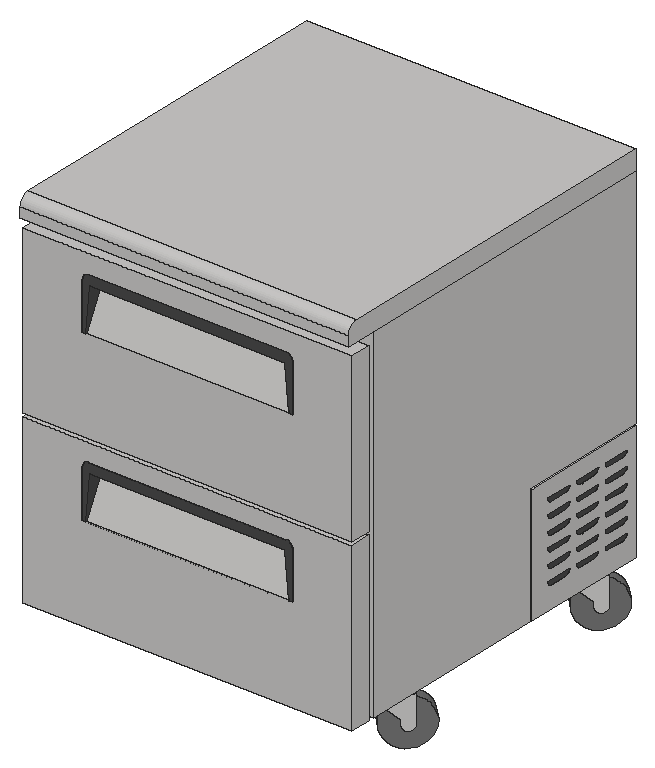
Revit family "QF_Turbo Air_TUF-28SD-D2", category Specialty Equipment, Revit 2012
Parameters
  Weight in Pounds = 169
  Watermarked By = "http://revitwatermark.com"
  Volts = 115 V
  URL Cutsheet = ""
  URL = "www.turboairinc.com"
  Status [instance] = ""
  Specification by User [instance] = ""
  Specification by Manufacturer [instance] = ""
  Serial Number [instance] = ""
  Revision Code [instance] = ""
  Phase = 1
  Number of Poles [instance] = 1
  NAFEM Spec ID Number [instance] = ""
  Model = "TUF-28SD-D2"
  Masterspec [instance] = ""
  Manufacturer = "Turbo Air"  # constant formula
  Legs [instance] = [6 inch Legs]  # no
  Item Number [instance] = "-"
  Installed By [instance] = ""
  HP = "1/3"
  Furnished By [instance] = ""
  Foodservice Equipment Identifier = yes
  FL Amps = 5.3 A
  Electrical Remarks [instance] = ""
  Electric Connection Type [instance] = ""
  Elec Conn RI Height [instance] = 0' - 0"
  Elec Conn Connection Height = 1' - 0"
  Description = "Undercounter Freezer"
  Cycle = 60 Hz
  Conn Plug = "NEMA 5-15P"
  Casters [instance] = not(Legs)  # yes
  CasterLeg Height [instance] = if([4 inch Casters], 0' 5", if([5 inch Casters], 0' 5 3/4", if([2_5 inch Casters], 0' 3 3/8", 0' 6")))  # 0' - 5"
  CSI MasterFormat = "11 41 13"
  Assembly Code = "E1090320"
  Apparent Power = if(Phase = 3, Volts * FL Amps * 1.73, Volts * FL Amps)  # 609.5 VA
  6 inch Legs [instance] = no
  5 inch Casters [instance] = no
  4 inch Casters [instance] = yes
  2_5 inch Casters [instance] = no
Reference planes (in)
  plane 1 "BACK": y = 0
  plane 2: z = 0
  plane 3 "LEFT": x = -20.78844
  plane 4 "Bottom": z = 5
  plane 5 "Back Stops": y = 1
  plane 6 "RIGHT": x = 6.71156
  plane 7 "FRONT": y = -30
  plane 8 "Door Clearance": y = -42.75
  plane 9 "Back of Door": y = -27.875
  plane 10 "Front of Box": y = -27.375
  plane 11 "Top of Door": z = 33.125
  plane 12 "TOP": z = 35.625
  plane 13 "Bottom of TOP": z = 34
Forms (in)
  Extrusion 1, solid, material "QF_Finishes_Stainless Steel"
    sketch origin (-20.78844, 0, 0) x (0, 1, 0) y (0, 0, 1)
      loop
        line (0, 5) -> (0, 34) -> (-27.375, 34) -> (-27.375, 5) -> (0, 5)
    from 0 to 27.5
  Extrusion 2, solid, material "QF_Finishes_Black"
    sketch origin (0, -27.375, 0) x (1, 0, 0) y (0, 0, 1)
      loop
        line (-19.78844, 32.125) -> (-19.78844, 6) -> (5.71156, 6) -> (5.71156, 32.125) -> (-19.78844, 32.125)
    from 0 to 0.5
  Extrusion 3, void
    sketch origin (6.71156, 0, 0) x (0, 1, 0) y (0, 0, 1)
      loop
        line (0, 5) -> (0, 15) -> (-11, 15) -> (-11, 5) -> (0, 5)
    from 0 to -1
  Extrusion 4, solid, material "QF_Finishes_Stainless Steel"
    sketch origin (6.71156, 0, 0) x (0, 1, 0) y (0, 0, 1)
      loop
        line (-10.875, 14.875) -> (-10.875, 5) -> (0, 5) -> (0, 14.875) -> (-10.875, 14.875)
      loop
        arc (-9.25, 13.5) -> (-9.10355, 13.14645) -> (-8.75, 13) r 0.5
        line (-8.75, 13) -> (-7.25, 13)
        arc (-7.25, 13) -> (-6.89645, 13.14645) -> (-6.75, 13.5) r 0.5
        line (-6.75, 13.5) -> (-9.25, 13.5)
      loop
        arc (-6.25, 13.5) -> (-6.10355, 13.14645) -> (-5.75, 13) r 0.5
        line (-5.75, 13) -> (-4.25, 13)
        arc (-4.25, 13) -> (-3.89645, 13.14645) -> (-3.75, 13.5) r 0.5
        line (-3.75, 13.5) -> (-6.25, 13.5)
      loop
        arc (-3.25, 13.5) -> (-3.10355, 13.14645) -> (-2.75, 13) r 0.5
        line (-2.75, 13) -> (-1.25, 13)
        arc (-1.25, 13) -> (-0.89645, 13.14645) -> (-0.75, 13.5) r 0.5
        line (-0.75, 13.5) -> (-3.25, 13.5)
      loop
        arc (-9.25, 12.25) -> (-9.10355, 11.89645) -> (-8.75, 11.75) r 0.5
        line (-8.75, 11.75) -> (-7.25, 11.75)
        arc (-7.25, 11.75) -> (-6.89645, 11.89645) -> (-6.75, 12.25) r 0.5
        line (-6.75, 12.25) -> (-9.25, 12.25)
      loop
        arc (-6.25, 12.25) -> (-6.10355, 11.89645) -> (-5.75, 11.75) r 0.5
        line (-5.75, 11.75) -> (-4.25, 11.75)
        arc (-4.25, 11.75) -> (-3.89645, 11.89645) -> (-3.75, 12.25) r 0.5
        line (-3.75, 12.25) -> (-6.25, 12.25)
      loop
        arc (-3.25, 12.25) -> (-3.10355, 11.89645) -> (-2.75, 11.75) r 0.5
        line (-2.75, 11.75) -> (-1.25, 11.75)
        arc (-1.25, 11.75) -> (-0.89645, 11.89645) -> (-0.75, 12.25) r 0.5
        line (-0.75, 12.25) -> (-3.25, 12.25)
      loop
        arc (-9.25, 11) -> (-9.10355, 10.64645) -> (-8.75, 10.5) r 0.5
        line (-8.75, 10.5) -> (-7.25, 10.5)
        arc (-7.25, 10.5) -> (-6.89645, 10.64645) -> (-6.75, 11) r 0.5
        line (-6.75, 11) -> (-9.25, 11)
      loop
        arc (-6.25, 11) -> (-6.10355, 10.64645) -> (-5.75, 10.5) r 0.5
        line (-5.75, 10.5) -> (-4.25, 10.5)
        arc (-4.25, 10.5) -> (-3.89645, 10.64645) -> (-3.75, 11) r 0.5
        line (-3.75, 11) -> (-6.25, 11)
      loop
        arc (-3.25, 11) -> (-3.10355, 10.64645) -> (-2.75, 10.5) r 0.5
        line (-2.75, 10.5) -> (-1.25, 10.5)
        arc (-1.25, 10.5) -> (-0.89645, 10.64645) -> (-0.75, 11) r 0.5
        line (-0.75, 11) -> (-3.25, 11)
      loop
        arc (-9.25, 9.75) -> (-9.10355, 9.39645) -> (-8.75, 9.25) r 0.5
        line (-8.75, 9.25) -> (-7.25, 9.25)
        arc (-7.25, 9.25) -> (-6.89645, 9.39645) -> (-6.75, 9.75) r 0.5
        line (-6.75, 9.75) -> (-9.25, 9.75)
      loop
        arc (-6.25, 9.75) -> (-6.10355, 9.39645) -> (-5.75, 9.25) r 0.5
        line (-5.75, 9.25) -> (-4.25, 9.25)
        arc (-4.25, 9.25) -> (-3.89645, 9.39645) -> (-3.75, 9.75) r 0.5
        line (-3.75, 9.75) -> (-6.25, 9.75)
      loop
        arc (-3.25, 9.75) -> (-3.10355, 9.39645) -> (-2.75, 9.25) r 0.5
        line (-2.75, 9.25) -> (-1.25, 9.25)
        arc (-1.25, 9.25) -> (-0.89645, 9.39645) -> (-0.75, 9.75) r 0.5
        line (-0.75, 9.75) -> (-3.25, 9.75)
      loop
        arc (-9.25, 8.5) -> (-9.10355, 8.14645) -> (-8.75, 8) r 0.5
        line (-8.75, 8) -> (-7.25, 8)
        arc (-7.25, 8) -> (-6.89645, 8.14645) -> (-6.75, 8.5) r 0.5
        line (-6.75, 8.5) -> (-9.25, 8.5)
      loop
        arc (-6.25, 8.5) -> (-6.10355, 8.14645) -> (-5.75, 8) r 0.5
        line (-5.75, 8) -> (-4.25, 8)
        arc (-4.25, 8) -> (-3.89645, 8.14645) -> (-3.75, 8.5) r 0.5
        line (-3.75, 8.5) -> (-6.25, 8.5)
      loop
        arc (-3.25, 8.5) -> (-3.10355, 8.14645) -> (-2.75, 8) r 0.5
        line (-2.75, 8) -> (-1.25, 8)
        arc (-1.25, 8) -> (-0.89645, 8.14645) -> (-0.75, 8.5) r 0.5
        line (-0.75, 8.5) -> (-3.25, 8.5)
      loop
        arc (-9.25, 7.25) -> (-9.10355, 6.89645) -> (-8.75, 6.75) r 0.5
        line (-8.75, 6.75) -> (-7.25, 6.75)
        arc (-7.25, 6.75) -> (-6.89645, 6.89645) -> (-6.75, 7.25) r 0.5
        line (-6.75, 7.25) -> (-9.25, 7.25)
      loop
        arc (-6.25, 7.25) -> (-6.10355, 6.89645) -> (-5.75, 6.75) r 0.5
        line (-5.75, 6.75) -> (-4.25, 6.75)
        arc (-4.25, 6.75) -> (-3.89645, 6.89645) -> (-3.75, 7.25) r 0.5
        line (-3.75, 7.25) -> (-6.25, 7.25)
      loop
        arc (-3.25, 7.25) -> (-3.10355, 6.89645) -> (-2.75, 6.75) r 0.5
        line (-2.75, 6.75) -> (-1.25, 6.75)
        arc (-1.25, 6.75) -> (-0.89645, 6.89645) -> (-0.75, 7.25) r 0.5
        line (-0.75, 7.25) -> (-3.25, 7.25)
    from 0 to -1
  Extrusion 5, solid, material "QF_Finishes_Black"
    sketch origin (6.71156, 0, 0) x (0, 1, 0) y (0, 0, 1)
      loop
        line (-9.875, 13.95221) -> (-9.875, 6.20221) -> (-0.375, 6.20221) -> (-0.375, 13.95221) -> (-9.875, 13.95221)
    from -0.125 to -1
  Extrusion 6, solid, material "QF_Finishes_Black"
    sketch origin (0, 0, 0) x (1, 0, 0) y (0, 0, 1)
      loop
        circle (-14.66344, 30.8125) r 0.5
      loop
        circle (0.58656, 30.8125) r 0.5
    from 0 to -1
  Extrusion 7, solid, material "QF_Finishes_Stainless Steel"
    sketch origin (0, 0, 0) x (1, 0, 0) y (0, 0, 1)
      loop
        circle (2.71156, 11.125) r 0.25
    from 0 to -0.0625
  Extrusion 8, solid, material "QF_Finishes_Polished Steel"
    sketch origin (-20.78844, 0, 0) x (0, 1, 0) y (0, 0, 1)
      loop
        line (0, 35.625) -> (-29.1875, 35.625)
        arc (-29.1875, 35.625) -> (-29.76202, 35.38702) -> (-30, 34.8125) r 0.8125
        line (-30, 34.8125) -> (-30, 34) -> (0, 34) -> (0, 35.625)
    from 0 to 27.5
Cuts and joins
  Extrusion 3 cuts Extrusion 1
Lines and regions (in)
  symbolic lines
    curve 1: line (-20.78844, 0, 35.875) -> (6.71156, 0, 35.875)
    curve 2: line (-20.78844, -30, 35.875) -> (-20.78844, 0, 35.875)
    curve 3: line (6.71156, -30, 35.875) -> (-20.78844, -30, 35.875)
    curve 4: line (6.71156, 0, 35.875) -> (6.71156, -30, 35.875)
    curve 5: line (0.08656, 1, 35.875) -> (1.08656, 1, 35.875)
    curve 6: line (-15.16344, 1, 35.875) -> (-14.16344, 1, 35.875)
    curve 7: line (-15.16344, 1, 35.875) -> (-15.16344, 0, 35.875)
    curve 8: line (-14.16344, 1, 35.875) -> (-14.16344, 0, 35.875)
    curve 9: line (0.08656, 1, 35.875) -> (0.08656, 0, 35.875)
    curve 10: line (1.08656, 1, 35.875) -> (1.08656, 0, 35.875)
  symbolic lines, style "QF_Clearances", detail levels coarse
    curve 11: line (-20.78844, -30, 35.875) -> (-20.78844, -42.75, 35.875)
    curve 12: line (-20.78844, -42.75, 35.875) -> (6.71156, -42.75, 35.875)
    curve 13: line (6.71156, -42.75, 35.875) -> (6.71156, -30, 35.875)
Dimensions and locks (in)
  "CasterLeg Height": plane 4 "Bottom" to plane 2
  locked: plane 1 "BACK" to plane 5 "Back Stops" at 1
  locked: plane 6 "RIGHT" to plane 3 "LEFT" at 27.5
  locked: plane 7 "FRONT" to plane 1 "BACK" at 30
  locked: plane 9 "Back of Door" to plane 10 "Front of Box" at 0.5
  locked: plane 11 "Top of Door" to Extrusion 2 sketch curve at 1
  locked: Extrusion 2 sketch curve to plane 3 "LEFT" at 1
  locked: Extrusion 2 sketch curve to plane 4 "Bottom" at 1
  locked: Extrusion 2 sketch curve to plane 6 "RIGHT" at 1
  locked: Extrusion 3 sketch curve to plane 1 "BACK" at 11
  locked: Extrusion 3 sketch curve to plane 4 "Bottom" at 10
  locked: plane 4 "Bottom" to Extrusion 4 sketch curve at 9.875
  locked: Extrusion 4 sketch curve to plane 1 "BACK" at 10.875
  locked: Extrusion 5 sketch curve to Extrusion 5 sketch curve at 7.75
  locked: Extrusion 5 sketch curve to plane 4 "Bottom" at 1.20221
  locked: Extrusion 5 sketch curve to Extrusion 5 sketch curve at 9.5
  locked: Extrusion 5 sketch curve to plane 1 "BACK" at 0.375
  locked: nested 1 to plane 1 "BACK" at 2.5625
  locked: plane 3 "LEFT" to nested 1 at 2.5
  locked: plane 3 "LEFT" to nested 2 at 2.5
  locked: plane 10 "Front of Box" to nested 2 at 4.625
  locked: nested 3 to plane 6 "RIGHT" at 2.5
  locked: nested 4 to plane 6 "RIGHT" at 2.5
  locked: plane 10 "Front of Box" to nested 4 at 4.625
  locked: nested 3 to plane 1 "BACK" at 2.5625
  locked: plane 6 "RIGHT" to Extrusion 6 sketch curve at 6.125
  locked: Extrusion 6 sketch curve to plane 3 "LEFT" at 6.125
  locked: Extrusion 7 sketch curve to plane 4 "Bottom" at 6.125
  locked: plane 6 "RIGHT" to Extrusion 7 sketch curve at 4
  locked: plane 12 "TOP" to plane 4 "Bottom" at 30.625
  locked: plane 12 "TOP" to plane 13 "Bottom of TOP" at 1.625
  locked: plane 13 "Bottom of TOP" to plane 11 "Top of Door" at 0.875
  plane 9 "Back of Door" to plane 1 "BACK" = 2' - 3 7/8"
  locked: plane 8 "Door Clearance" to plane 7 "FRONT" at 12.75
  aligned and locked: level to plane 2
  aligned and locked: Extrusion 1 sketch curve to plane 1 "BACK"
  aligned and locked: Extrusion 1 sketch curve to plane 4 "Bottom"
  aligned and locked: plane 10 "Front of Box" to Extrusion 1 sketch curve
  aligned and locked: plane 6 "RIGHT" to Extrusion 1
  aligned and locked: plane 9 "Back of Door" to Extrusion 2
  aligned and locked: Extrusion 3 sketch curve to plane 1 "BACK"
  aligned and locked: Extrusion 3 sketch curve to plane 4 "Bottom"
  aligned and locked: Extrusion 6 to plane 5 "Back Stops"
  aligned and locked: plane 1 "BACK" to curve 1
  aligned and locked: curve 4 to plane 6 "RIGHT"
  aligned and locked: plane 3 "LEFT" to curve 2
  aligned and locked: curve 3 to plane 7 "FRONT"
  aligned and locked: curve 5 to Extrusion 6
  aligned and locked: curve 6 to Extrusion 6
  aligned and locked: Extrusion 1 sketch curve to plane 13 "Bottom of TOP"
  aligned and locked: plane 1 "BACK" to Extrusion 8 sketch curve
  aligned and locked: plane 13 "Bottom of TOP" to Extrusion 8 sketch curve
  aligned and locked: Extrusion 8 sketch curve to plane 7 "FRONT"
  aligned and locked: Extrusion 8 sketch curve to plane 12 "TOP"
  aligned and locked: plane 6 "RIGHT" to Extrusion 8
  aligned and locked: nested 5 to plane 4 "Bottom"
Automatic sketch dimensions
  Extrusion 4 sketch curve to plane 1 "BACK" = 0' - 0"
  Extrusion 4 sketch curve to plane 4 "Bottom" = 0' - 0"
  Extrusion 4 sketch curve to Extrusion 4 sketch curve = 0' - 1 5/8"
  Extrusion 4 sketch curve to Extrusion 4 sketch curve = 0' - 0"  (x16)
  Extrusion 4 sketch curve to Extrusion 4 sketch curve = 0' - 0 1/2"  (x31)
  Extrusion 4 sketch curve to Extrusion 4 sketch curve = 0' - 1 1/2"  (x4)
  plane 1 "BACK" to Extrusion 4 sketch curve = 0' - 1 1/4"  (x3)
  plane 4 "Bottom" to Extrusion 4 sketch curve = 0' - 1 3/4"  (x2)
  Extrusion 4 sketch curve to Extrusion 4 sketch curve = 0' - 0 3/4"  (x15)
  Extrusion 6 sketch curve to plane 11 "Top of Door" = 0' - 2 5/16"  (x2)
  Extrusion 8 sketch curve to plane 7 "FRONT" = 0' - 0 13/16"
  plane 8 "Door Clearance" to curve 12 = 0' - 0"
  curve 5 to plane 6 "RIGHT" = 0' - 5 5/8"
  curve 10 to curve 9 = 0' - 1"
  plane 3 "LEFT" to curve 8 = 0' - 6 5/8"
  curve 6 to curve 7 = 0' - 1"
  radius of Extrusion 6 sketch curve = 0' - 0 1/2"  (x2)
  radius of Extrusion 7 sketch curve = 0' - 0 1/4"
Nested families (in)
  nested 1: "FESCasterLeg" at (-18.28844, -2.5625, 0), Legs <- "Legs", Casters <- "Casters", Height <- "CasterLeg Height", type "FESCasterLeg"
    with Legs no, Height 0' - 5", Casters yes, Caster Radius 0' - 2"
  nested 2: "FESCasterLeg" at (-18.28844, -22.75, 0), Legs <- "Legs", Casters <- "Casters", Height <- "CasterLeg Height", type "FESCasterLeg"
    with Legs no, Height 0' - 5", Casters yes, Caster Radius 0' - 2"
  nested 3: "FESCasterLeg" at (4.21156, -2.5625, 0), Legs <- "Legs", Casters <- "Casters", Height <- "CasterLeg Height", type "FESCasterLeg"
    with Legs no, Height 0' - 5", Casters yes, Caster Radius 0' - 2"
  nested 4: "FESCasterLeg" at (4.21156, -22.75, 0), Legs <- "Legs", Casters <- "Casters", Height <- "CasterLeg Height", type "FESCasterLeg"
    with Legs no, Height 0' - 5", Casters yes, Caster Radius 0' - 2"
  nested 5: "QF_Turbo Air_TBL_Drawer" at (-5.61177, -27.875, 5), type "QF_Turbo Air_TBL_Drawer"
    with Width 2' - 3 1/2", Symbolic Lines no, Height 2' - 4 1/8", Depth 0' - 1 13/16"
Connectors (in)
  electrical at (2.71156, 0.0625, 11.125), driven by "Number of Poles", driven by "Volts", driven by "Apparent Power"
    settings: on Extrusion 7, index 1, voltage 115 V, apparent load 609.5 VA, apparent load phase1 0 VA, apparent load phase2 0 VA, apparent load phase3 0 VA, power factor 1, load classification "Other", number of poles 1, system type 30, power factor state 1, is connector primary yes, connector utility no, sub classification motor no, connector description ""
Definition of nested family "FESCasterLeg"
  Parameters (values of type "FESCasterLeg")
    Watermarked By = "http://revitwatermark.com"
    Type Comments = "⍁⍉⌁⌀⏭⎽⌇⍠⌜⍉⎖⌥⌦⌯⍭⏊⍻⍿⍊⏵⍊⏗⏠⍴⎡⌈⎀⍠⌓⌤⏘⎐⍀⌐⏬⏁⎈⏍⏦⎒⏬⌝⍩⍇⌣〈⎫〉⎁⏊⍥⍖⍥⍝⍦⌖⍀⏌⏭⎝⎼⏷⏞⍻⏯⎽⏷⏞⍻⏯⎽⏷⎺⌻⎝⍎⌧⏷⏟⏿⌿⍜⍦⍤⌁⍬⏶⏎⍊⏚⏉⎞⌡⎀⎪⏈⌟⌿⍾⍼⌟⌿⌢⌞⏜⏝⎽⍷⍷⍯⍧⍷⌯⍽⏸⏨⏾⏎⌣⏺⍹⏼⏅⎏⌽⎫⎪⍙⎓⏗⎗⏅⌴⍏⍏⍿⏑⎺⍘⌭⏲⍥⎛⎾⎾⍞⍌⎪⎲⌙⎥⏏⎟⎟⏼⏘⎏⎝⏧⏍⏁⍏⍧⏯⏾⌟"
    Legs [instance] = yes
    Height [instance] = 0' - 6"
    Caster Radius [instance] = if(Height < 0' 3", 0' 1", (Height / 2) - 0' 0 1/2")  # 0' - 2 1/2"
    Casters [instance] = yes
    Assembly Code = ""
  Reference planes (in)
    plane 1 "Center (Front/Back)": y = 0
    plane 2: z = 0
    plane 3 "Center (Left/Right)": x = 0
    plane 4: z = 6
    plane 5: z = 5.5
  Forms (in)
    Extrusion 1, solid, material "QF_Finishes_Stainless Steel", visible <- "Casters"
      sketch origin (-24.12131, -22.88887, 10.18833) x (0.707107, 0.707107, 0) y (0, 0, 1)
        loop
          line (34.98772, -7.68833) -> (34.98772, -4.93833) -> (34.48772, -4.93833) -> (34.39402, -4.68833) -> (32.39402, -4.68833) -> (32.39402, -5.43833) -> (33.98772, -7.34206) -> (33.98772, -7.68833)
          arc (33.98772, -7.68833) -> (34.48772, -8.18833) -> (34.98772, -7.68833) r 0.5
      from 0 to 1.75
    Extrusion 2, solid, material "QF_Finishes_Rubber Black", visible <- "Casters"
      sketch origin (-24.32327, -23.09083, 13.31461) x (0.707107, 0.707107, 0) y (0, 0, 1)
        loop
          circle (34.77334, -10.81461) r 2.5
      from 0.375 to 1.375
    Extrusion 3, solid, material "QF_Finishes_Stainless Steel", visible <- "Casters"
      sketch origin (-7.24148, -8.48391, 0) x (0.707107, 0.707107, 0) y (0, 0, 1)
        loop
          line (10.61603, 5.5) -> (11.61603, 5.5) -> (11.61603, 6) -> (10.61603, 6) -> (10.61603, 5.5)
      from 0 to -1.75
    Blend 4, solid, material "QF_Finishes_Stainless Steel", visible <- "Legs"
      base sketch origin (0, 0, 0) x (1, 0, 0) y (0, 1, 0)
        loop
          circle (0, 0) r 0.5
      top sketch origin (0, 0, 0) x (1, 0, 0) y (0, 1, 0)
        loop
          circle (0, 0) r 1
      from 0 to 6 <- "Height"
  Lines and regions (in)
    symbolic lines, style "QF_Hidden Details", visible <- "Casters", built-in parameter 1006206 <- "Casters"
      curve 1: line (-1.26158, -0.51911, 0) -> (1.39007, 2.13254, 0)
      curve 2: line (-0.53429, -1.24639, 0) -> (2.11736, 1.40526, 0)
    symbolic lines, style "QF_Hidden Details", built-in parameter 1006206 <- "Casters", visible <- "Casters"
      curve 3: line (-1.26158, -0.51911, 0) -> (1.39007, 2.13254, 0)
      curve 4: line (-0.53429, -1.24639, 0) -> (2.11736, 1.40526, 0)
  Dimensions and locks (in)
    locked: plane 4 to plane 5 at 0.5
    "Height": plane 4 to level
    "Caster Radius": Extrusion 2 sketch curve to level
    "Caster Radius": Extrusion 1 sketch curve to level
    "Caster Radius": radius of Extrusion 2 sketch curve
    aligned and locked: plane 2 to level
    aligned: Blend 4 to Extrusion 3
    aligned and locked: plane 4 to Blend 4
    aligned and locked: Extrusion 3 to plane 5
    aligned and locked: plane 4 to Extrusion 3
    aligned and locked: plane 5 to Extrusion 1
  Automatic sketch dimensions
    plane 1 "Center (Front/Back)" to curve 3 = 0' - 0.51911"
    curve 3 to plane 3 "Center (Left/Right)" = 0' - 1.26158"
    plane 1 "Center (Front/Back)" to curve 1 = 0' - 0.51911"
    curve 1 to curve 3 = 0' - 0"  (x3)
    curve 4 to plane 3 "Center (Left/Right)" = 0' - 0.53429"
    curve 2 to curve 4 = 0' - 0"  (x2)
    plane 3 "Center (Left/Right)" to curve 3 = 0' - 1.39007"
    curve 1 to curve 4 = 0' - 0.72729"
    curve 2 to curve 1 = 0' - 0.72729"
    curve 4 to curve 2 = 0' - 0"  (x2)
    curve 2 to plane 1 "Center (Front/Back)" = 0' - 1.40526"
    curve 2 to curve 3 = 0' - 0.72729"
    plane 5 to Extrusion 1 sketch curve = 0' - 0"
    Extrusion 1 sketch curve to Extrusion 1 sketch curve = 0' - 1.5937"
    Extrusion 1 sketch curve to Extrusion 1 sketch curve = 0' - 2"
    Extrusion 1 sketch curve to Extrusion 1 sketch curve = 0' - 0.0937"
    Extrusion 1 sketch curve to Extrusion 1 sketch curve = 0' - 0 1/2"
    Extrusion 1 sketch curve to Extrusion 1 sketch curve = 0' - 0.34627"
    Extrusion 1 sketch curve to plane 5 = 0' - 0 3/4"
    Extrusion 1 sketch curve to plane 5 = 0' - 0 1/4"
    Extrusion 3 sketch curve to plane 5 = 0' - 0"
    plane 4 to Extrusion 3 sketch curve = 0' - 0"
    Extrusion 3 sketch curve to Extrusion 3 sketch curve = 0' - 1"
    plane 1 "Center (Front/Back)" to Blend 4 sketch curve = 0' - 0"  (x2)
    Blend 4 sketch curve to plane 3 "Center (Left/Right)" = 0' - 0"  (x2)
    radius of Blend 4 sketch curve = 0' - 0 1/2"
    radius of Blend 4 sketch curve = 0' - 1"
Definition of nested family "QF_Turbo Air_TBL_Drawer"
  Parameters (values of type "QF_Turbo Air_TBL_Drawer")
    Width [instance] = 2' - 5 5/16"
    Watermarked By = "http://revitwatermark.com"
    Symbolic Lines [instance] = yes
    Manufacturer = "Turbo Air"  # constant formula
    Height [instance] = 2' - 3 7/16"
    Depth [instance] = 0' - 1 13/16"
  Reference planes (in)
    plane 1 "BACK": y = 0
    plane 2: z = 0
    plane 3 "LEFT": x = -15.17667
    plane 4: x = 14.13583
    plane 5 "FRONT": y = -1.8125
    plane 6: z = 27.4375
    plane 7 "Handle Center": x = -0.52042
    plane 8 "Door Center": z = 13.71875
  Forms (in)
    Extrusion 1, solid, material "QF_Finishes_Black"
      sketch origin (-31.11417, 0, 15.01083) x (0, 0, -1) y (1, 0, 0)
        loop
          arc (-10.23917, 39.40625) -> (-10.63691, 39.2415) -> (-10.80167, 38.84375) r 0.5625
          line (-10.80167, 38.84375) -> (-10.80167, 22.34375)
          arc (-10.80167, 22.34375) -> (-10.63691, 21.946) -> (-10.23917, 21.78125) r 0.5625
          line (-10.23917, 21.78125) -> (-6.30167, 21.78125) -> (-6.30167, 22.125) -> (-9.98917, 22.44761) -> (-9.98917, 38.73989) -> (-6.30167, 39.0625) -> (-6.30167, 39.40625) -> (-10.23917, 39.40625)
        loop
          line (7.41708, 21.78125) -> (7.41708, 22.125) -> (3.72958, 22.44761) -> (3.72958, 38.73989) -> (7.41708, 39.0625) -> (7.41708, 39.40625) -> (3.47958, 39.40625)
          arc (3.47958, 39.40625) -> (3.08184, 39.2415) -> (2.91708, 38.84375) r 0.5625
          line (2.91708, 38.84375) -> (2.91708, 22.34375)
          arc (2.91708, 22.34375) -> (3.08184, 21.946) -> (3.47958, 21.78125) r 0.5625
          line (3.47958, 21.78125) -> (7.41708, 21.78125)
      from 0 to 1.8125
    Extrusion 2, solid, material "QF_Finishes_Stainless Steel"
      sketch origin (-9.36417, 0, 15.01083) x (0, 1, 0) y (0, 0, 1)
        loop
          line (-1.8125, 6.30167) -> (0, 6.30167) -> (0, 9.98917) -> (-0.47036, 9.98917) -> (-1.8125, 6.30167)
        loop
          line (-1.8125, -7.41708) -> (0, -7.41708) -> (0, -3.72958) -> (-0.47036, -3.72958) -> (-1.8125, -7.41708)
      from 0.375 to 17.3125
    Extrusion 3, solid, material "QF_Finishes_Stainless Steel"
      sketch origin (0, 0, 0) x (1, 0, 0) y (0, 0, 1)
        loop
          line (-15.17667, 27.4375) -> (-15.17667, 13.84375) -> (14.13583, 13.84375) -> (14.13583, 27.4375) -> (-15.17667, 27.4375)
        loop
          line (-15.17667, 0) -> (14.13583, 0) -> (14.13583, 13.59375) -> (-15.17667, 13.59375) -> (-15.17667, 0)
        loop
          arc (-8.77042, 25.8125) -> (-9.16816, 25.64775) -> (-9.33292, 25.25) r 0.5625
          line (-9.33292, 25.25) -> (-9.33292, 21.3125) -> (8.29208, 21.3125) -> (8.29208, 25.25)
          arc (8.29208, 25.25) -> (8.12733, 25.64775) -> (7.72958, 25.8125) r 0.5625
          line (7.72958, 25.8125) -> (-8.77042, 25.8125)
        loop
          arc (-8.77042, 12.09375) -> (-9.16816, 11.929) -> (-9.33292, 11.53125) r 0.5625
          line (-9.33292, 11.53125) -> (-9.33292, 7.59375) -> (8.29208, 7.59375) -> (8.29208, 11.53125)
          arc (8.29208, 11.53125) -> (8.12733, 11.929) -> (7.72958, 12.09375) r 0.5625
          line (7.72958, 12.09375) -> (-8.77042, 12.09375)
      from 0 to 1.8125
  Lines and regions (in)
    symbolic lines, visible <- "Symbolic Lines"
      curve 1: line (-15.17667, 0, 25.96875) -> (14.13583, 0, 25.96875)
      curve 2: line (-15.17667, -1.8125, 25.96875) -> (-15.17667, 0, 25.96875)
      curve 3: line (14.13583, -1.8125, 25.96875) -> (-15.17667, -1.8125, 25.96875)
      curve 4: line (14.13583, 0, 25.96875) -> (14.13583, -1.8125, 25.96875)
  Dimensions and locks (in)
    "Width": plane 4 to plane 3 "LEFT"
    "Depth": plane 5 "FRONT" to plane 1 "BACK"
    "Height": plane 6 to plane 2
    locked: Extrusion 3 sketch curve to Extrusion 3 sketch curve at 4.5  (x2)
    locked: plane 6 to Extrusion 3 sketch curve at 1.625
    locked: plane 6 to Extrusion 1 sketch curve at 1.625
    locked: Extrusion 1 sketch curve to Extrusion 1 sketch curve at 0.8125  (x2)
    locked: Extrusion 1 sketch curve to Extrusion 1 sketch curve at 4.5  (x4)
    locked: Extrusion 1 sketch curve to Extrusion 1 sketch curve at 0.66636  (x4)
    locked: plane 6 to Extrusion 2 sketch curve at 2.4375
    locked: Extrusion 2 sketch curve to Extrusion 2 sketch curve at 3.6875  (x2)
    locked: Extrusion 2 sketch curve to plane 5 "FRONT" at 1.34214  (x2)
    equal spacing: plane 3 "LEFT", plane 7 "Handle Center", plane 4
    equal spacing: plane 6, plane 8 "Door Center", level
    Extrusion 3 sketch curve to plane 8 "Door Center" to Extrusion 3 sketch curve = 0' - 0 1/8" locked, 0' - 0 1/8" locked
    Extrusion 3 sketch curve to plane 7 "Handle Center" to Extrusion 3 sketch curve = 0' - 8 13/16" locked, 0' - 8 13/16" locked  (x2)
    locked: plane 8 "Door Center" to Extrusion 3 sketch curve at 1.625
    Extrusion 1 sketch curve to plane 7 "Handle Center" to Extrusion 1 sketch curve = 0' - 8 13/16" locked, 0' - 8 13/16" locked  (x2)
    Extrusion 2 to plane 7 "Handle Center" to Extrusion 2 = 0' - 8 15/32" locked, 0' - 8 15/32" locked
    locked: plane 8 "Door Center" to Extrusion 1 sketch curve at 1.625
    locked: plane 8 "Door Center" to Extrusion 2 sketch curve at 2.4375
    aligned and locked: level to plane 2
    aligned and locked: Extrusion 3 sketch curve to plane 6
    aligned and locked: plane 3 "LEFT" to Extrusion 3 sketch curve  (x2)
    aligned and locked: level to Extrusion 3 sketch curve
    aligned and locked: Extrusion 3 sketch curve to plane 4  (x2)
    aligned and locked: plane 5 "FRONT" to Extrusion 3
    aligned and locked: Extrusion 2 sketch curve to plane 1 "BACK"  (x2)
    aligned and locked: plane 1 "BACK" to curve 1
    aligned and locked: plane 3 "LEFT" to curve 2
    aligned and locked: curve 3 to plane 5 "FRONT"
    aligned and locked: curve 4 to plane 4
  Automatic sketch dimensions
    Extrusion 1 sketch curve to Extrusion 1 sketch curve = 0' - 0 1/4"  (x4)
    Extrusion 1 sketch curve to Extrusion 1 sketch curve = 0' - 0 11/32"  (x4)
    Extrusion 2 sketch curve to plane 5 "FRONT" = 0' - 0"  (x2)
    Extrusion 3 sketch curve to Extrusion 3 sketch curve = 0' - 0 9/16"  (x4)
